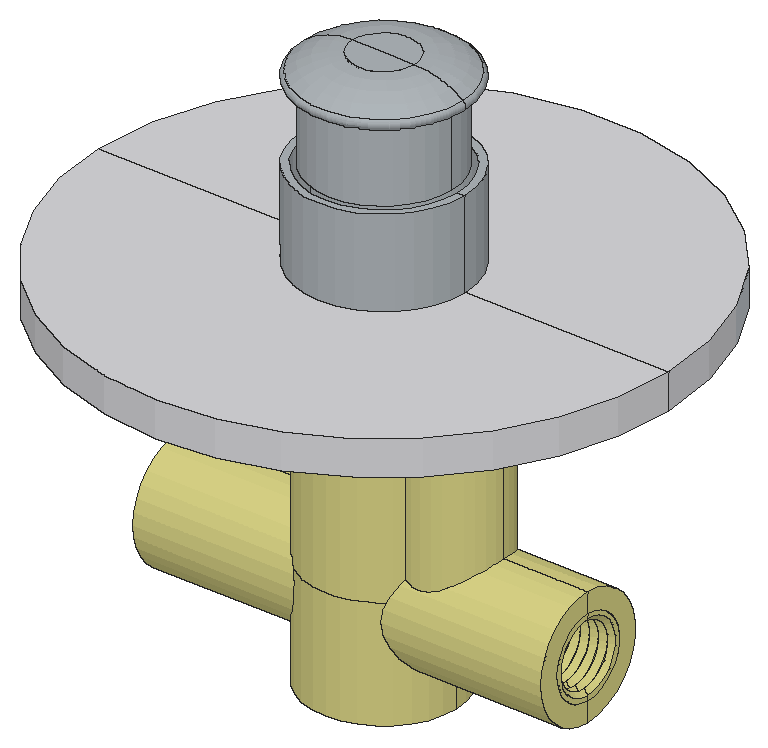
Revit family "ID-PU01-11 VALVULA PUSH DUCHA GRICOL", category Plumbing Fixtures, host Face, Revit 2018
Family settings
  Host = Face
  Round Connector Dimension = Use Diameter
  Part Type = Normal
  OmniClass Number = 23.31.11.00
  Cut with Voids When Loaded = No
  Shared = No
  Room Calculation Point = No
Parameters (values of type "ID-PU01-11")
  Waste Water Outlet = ""
  Metal - ABS Cromado = Plastico - ABS Cromado
  Escudo = 120.0 mm
  Buje = 34.2 mm
  Metal - Acero inoxidable = Metal - Acero inoxidable
  Link Ficha Tecnica = "http://infotecnica.gricol.com/FT_IDPU0111.pdf"
  Waste Connection = 1 = 0  # no
  Vent Connection = 1 = 0  # no
  URL = "https://www.gricol.com/"
  Type Image = <None>
  Product Name = "VALVULA PUSH DUCHA GRICOL"  # constant formula
  Model = "ID-PU01-11"  # constant formula
  Manufacturer = "Gricol"  # constant formula
  HW Connection = 1 = 1  # yes
  Description = "Valvula"  # constant formula
  Default Elevation = 0.0 mm
  Date Modified = ""
  Date Created = "05/28/2020"  # constant formula
  Copyright = "All rights reserved © Gricol - 2020."  # constant formula
  Laton = Laton
  CW Connection = 1 = 1  # yes
  Assembly Code = ""
  Ancho = 118.5 mm
  Alto = 86.0 mm
Reference planes
  plane 1 "Center (Front/Back)": y = 0
  plane 2: x = 43
  plane 3 "Center (Left/Right)": x = 0
  plane 4: x = -17.1
  plane 5: x = 17.1
  plane 6: x = -43
  plane 7: x = -6.35
  plane 8: x = 6.35
  plane 9: z = -19.475
  plane 10: z = 99.025
  plane 11: z = 46.567
  plane 12: x = -60
  plane 13: x = 60
  plane 14: z = -71.933
Text (mm)
  text "1/2\" NPT" at (-114.006, 0, -43.552), in view "Front"
Dimensions and locks
  "Buje": plane 4 to plane 5
  "Alto": plane 6 to plane 2
  "Escudo": plane 12 to plane 13
  "Ancho": plane 11 to plane 14
  aligned and locked: level to host face
Automatic sketch dimensions
  host sketch curve to host sketch curve = 433.531 mm
  host sketch curve to host sketch curve = 273.88 mm
Nested families
  nested 1: "VALVULA PUSH DUCHA GRICOL" at (0, -14.553, -52.458), type "VALVULA ORINAL PUSH 0.5 IPF"
Connectors
  piping at (-43, 0, -52.458), diameter 12.7
    settings: on nested 1, index 1, connector inside diameter 24", connector length 0.0 mm, flow factor 0, pipe flow 0 GPM, pressure drop 0.00 psi, fitting loss kfactor 0, connector angle 0.00°, fixture units 0, engagement length 0.0 mm, angle of deflection 0.00°, flow configuration 0, flow direction 0, fitting loss method 0, system type 20, joint type 0, gender type 0, connector reference index -1, connector utility 0, adjustable connector no, is connector primary yes, connector description ""
  piping at (43, 0, -52.458), diameter 12.7
    settings: on nested 1, index 2, connector inside diameter 24", connector length 0.0 mm, flow factor 0, pipe flow 0 GPM, pressure drop 0.00 psi, fitting loss kfactor 0, connector angle 0.00°, fixture units 0, engagement length 0.0 mm, angle of deflection 0.00°, flow configuration 0, flow direction 0, fitting loss method 0, system type 20, joint type 0, gender type 0, connector reference index -1, connector utility 0, adjustable connector no, is connector primary no, connector description ""
Definition of nested family "VALVULA PUSH DUCHA GRICOL"
  Parameters (values of type "VALVULA ORINAL PUSH 0.5 IPF")
    Weight Net (Kg) = "6.60Kg"
    Waste Connection = no
    Vent Connection = no
    Type Comments = ""
    Nominal width = "370"
    Nominal height = "130"
    Model = ""
    Manufacturer = ""
    Keynote = ""
    HW Connection = no
    Cost = 0
    CW Connection = no
  Reference planes
    plane 1 "Center (Front/Back)": y = 14.553
    plane 2: z = 0
    plane 3 "Center (Left/Right)": x = 0
    plane 4: x = -60
    plane 5: y = -28.447
    plane 6: x = 60
    plane 7: y = 57.553
    plane 8 "MARIPOSA 5": z = 99.025
    plane 9: x = -17.1
    plane 10: x = 17.1
    plane 11 "MARIPOSA 6": z = -19.475
  Forms (mm)
    Revolve 1, solid
      sketch origin (0, 14.553, 55.957) x (0, 0, 1) y (-1, 0, 0)
        loop
          line (-3.499, 60) -> (-3.499, 58.448) -> (1.935, 58.448) -> (1.935, 17.1) -> (3.809, 17.1) -> (3.809, 60) -> (-3.499, 60)
        axis (-3.499, 0) -> (3.809, 0)
      angle from 0 to 360
    Revolve 2, solid
      sketch origin (0, 14.553, 55.957) x (0, 0, 1) y (-1, 0, 0)
        loop
          line (-3.499, 15.605) -> (22.064, 15.605) -> (22.064, 17.1) -> (-3.499, 17.1) -> (-3.499, 15.605)
        axis (22.064, 0) -> (-3.499, 0)
      angle from 0 to 360
    Revolve 3, solid
      sketch origin (0, 14.553, 42.275) x (0, 0, 1) y (-1, 0, 0)
        loop
          line (-50.429, 43) -> (-54.614, 43) -> (-54.614, -43) -> (-50.429, -43) -> (-50.429, -26.735) -> (-42.275, -26.735) -> (-42.275, 23) -> (-50.429, 23) -> (-50.429, 43)
        axis (-42.275, 43) -> (-42.275, -43)
      angle from 0 to 360
    Revolve 4, solid
      sketch origin (42.275, 14.553, -10.986) x (1, 0, 0) y (0, 0, 1)
        loop
          line (-57.61, 48.617) -> (-57.61, 14.717) -> (-57.61, -8.489) -> (-42.275, -8.489) -> (-42.275, 68.511) -> (-54.699, 68.511) -> (-54.699, 63.443) -> (-57.61, 63.443) -> (-57.61, 57.193) -> (-55.949, 57.193) -> (-55.949, 55.367) -> (-57.61, 55.367) -> (-55.662, 54.242) -> (-57.61, 53.117) -> (-55.662, 51.992) -> (-57.61, 50.867) -> (-55.662, 49.742) -> (-57.61, 48.617)
        axis (-42.275, 68.511) -> (-42.275, -8.489)
      angle from 0 to 360
    Revolve 5, solid
      sketch origin (-26.046, 14.553, -10.256) x (-1, 0, 0) y (0, 0, 1)
        loop
          line (-41.342, 41.179) -> (-51.342, 41.179) -> (-51.342, 10.164) -> (-41.342, 10.164) -> (-41.342, 41.179)
        axis (-41.342, 41.179) -> (-41.342, 10.164)
      angle from 0 to 360
    Revolve 6, solid
      sketch origin (0, 14.553, 52.458) x (0, 0, 1) y (-1, 0, 0)
        loop
          line (25.563, 14.355) -> (25.563, 0) -> (46.567, 0) -> (46.567, 6.537)
          arc (46.567, 6.537) -> (45.685, 11.824) -> (43.134, 16.538) r 16.283
          arc (43.134, 16.538) -> (42.105, 17.099) -> (41.178, 16.382) r 1.071
          line (41.178, 16.382) -> (41.178, 14.355) -> (25.563, 14.355)
        axis (25.563, 0) -> (46.567, 0)
      angle from 0 to 360
    Revolve 7, solid
      sketch origin (0, 14.553, 52.458) x (0, 0, 1) y (-1, 0, 0)
        loop
          line (-59.71, 43) -> (-60.612, 43) -> (-60.612, 23.234) -> (-58.808, 23.234) -> (-59.751, 24.177) -> (-58.808, 25.12) -> (-59.751, 26.063) -> (-58.808, 27.007) -> (-59.751, 27.95) -> (-58.808, 28.893) -> (-59.751, 29.836) -> (-58.808, 30.779) -> (-59.751, 31.722) -> (-58.808, 32.666) -> (-59.751, 33.609) -> (-58.808, 34.552) -> (-59.751, 35.495) -> (-58.808, 36.438) -> (-59.751, 37.381) -> (-58.808, 38.324) -> (-59.751, 39.268) -> (-58.808, 40.211) -> (-59.751, 41.154) -> (-58.808, 42.097) -> (-59.71, 43)
        axis (-52.458, 43) -> (-52.458, 23.234)
      angle from 0 to 360
    Revolve 8, solid
      sketch origin (0, 14.553, 52.458) x (0, 0, 1) y (1, 0, 0)
        loop
          line (-59.71, 43) -> (-60.612, 43) -> (-60.612, 26.735) -> (-58.808, 26.735) -> (-59.751, 27.95) -> (-58.808, 28.893) -> (-59.751, 29.836) -> (-58.808, 30.779) -> (-59.751, 31.722) -> (-58.808, 32.666) -> (-59.751, 33.609) -> (-58.808, 34.552) -> (-59.751, 35.495) -> (-58.808, 36.438) -> (-59.751, 37.381) -> (-58.808, 38.324) -> (-59.751, 39.268) -> (-58.808, 40.211) -> (-59.751, 41.154) -> (-58.808, 42.097) -> (-59.71, 43)
        axis (-52.458, 43) -> (-52.458, 26.735)
      angle from 0 to 360
  Cuts and joins
    joined: Revolve 3, Revolve 4, Revolve 5
  Text (mm)
    text "Rosca ø 1/2\" NPT" at (0, 116.697, 32.709), in view "Right"
    text "Rosca ø 3/4\" NH" at (0, -22.504, -12.52), in view "Right"
  Dimensions and locks
    plane 1 "Center (Front/Back)" to plane 5 = 43.0 mm
    plane 7 to plane 5 = 86.0 mm
    locked: plane 4 to plane 6 at 120
    locked: plane 9 to plane 10 at 34.2
    Revolve 5 sketch curve to Revolve 5 sketch curve = 10.0 mm
    plane 8 "MARIPOSA 5" to plane 11 "MARIPOSA 6" = 118.5 mm
    plane 4 to plane 6 = 120.0 mm
    cut or joined group of Revolve 3, Revolve 4, Revolve 5 to cut or joined group of Revolve 3, Revolve 4, Revolve 5 = 86.0 mm
    aligned and locked: level to plane 2
